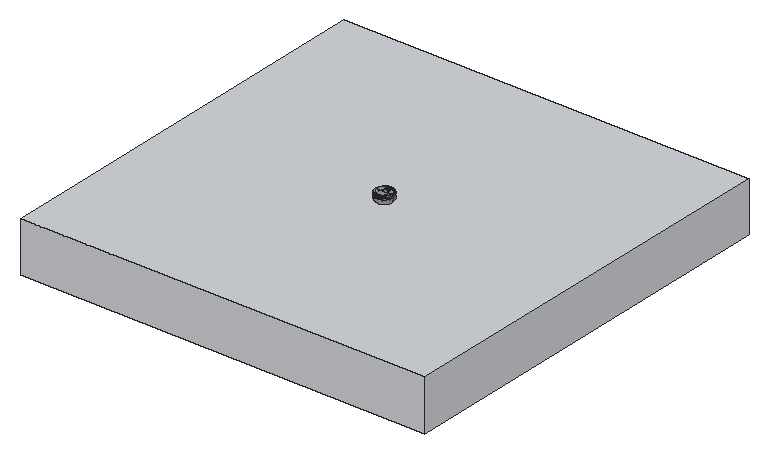
Revit family "Hekatron_Rauchwarnmelder_Genius Plus _DE_22.01", category Brandmelder, Revit 2018
Family settings
  Basisbauteil = Fläche
  Beschriftungsausrichtung beibehalten = Ja
  Bemaßung runder Anschluss = Durchmesser verwenden
  Teiletyp = Normal
  OmniClass-Nummer = 23.85.30.21
  OmniClass-Titel = Environmental Detection/Registration
  Beim Laden mit Abzugskörper schneiden = Nein
  Gemeinsam genutzt = Nein
  Raumberechnungspunkt = Nein
Parameters (values of type "Genius Plus")
  Zulässige Umgebungstemperatur = "0 °C bis + 55 °C"
  Zulässige Luftgeschwindigkeit = ""
  Zulassungen nach EN 54 = ""
  Version des BIM Objektes = "22.01"
  VdS-Anerkennung = "G 215026"
  URL = "https://www.hekatron-brandschutz.de"
  UB A&S Artikel Nummer = "31-5000020-06-02"
  Typenkommentare = "Rauchwarnmelder Genius Plus inkl. Klebepad"
  Tiefe (mm) = ""
  Stromaufnahme = ""
  Schutzart = "IP 40"
  Rauchteil einstellbar = ""
  Nettogewicht (g) = "139.0"
  Montageart = "Aufputz"
  Model = "Genius Plus "
  Material = "PC-ABS"
  Link zum Datenblatt = "https://www.hekatron-planungstools.de/Doku/Bedienungsanleitung%20Genius%20PlusPlus%20X_16232127.pdf"
  Link zu ausschreiben.de = "https://www.ausschreiben.de/katalog/Hekatron/position/214"
  Link zu Produktinformation = ""
  Link zu Ausschreibungstext = "https://www.meinhplus.de/login"
  Leistungserklärung (DoP) = "CPR-31-13-029-de-en"
  Lautstärke DIN-Ton (dB) = "85.0"
  Kabeleinführung = ""
  Höhe (mm) = "48.0"
  Hersteller = "Hekatron"
  Heigth [instance] = 104 mm
  Funktionsprinzip = "optisch"
  Farbe = "signalweiß ähnlich RAL 9003"
  Ex-Zonen = ""
  Einstellung Temperaturklasse nach EN 54-5 = ""
  Einstellung Temperaturindex nach EN 54-5 = ""
  Einstellung Rauchempfindlichkeit nach EN 54-20 = ""
  Einstellen Rauchempfindlichkeit nach EN 54-7 = ""
  EG-Konformitätszertifikat / Zertifikat der Leistungsbeständigkeit = ""
  Durchmesser (mm) = "104.0"
  Depth [instance] = 40.674 mm
  Vorgabe-Ansicht = 1200 mm
  Breite (mm) = ""
  Betriebsspannung = ""
  Beschreibung = "Rauchwarnmelder inkl. Klebepad und Batterie für den Einsatz in Wohnhäuser, Wohnungen und Räume mit wohnungsähnlicher Nutzung, sowie in Umgebungen mit erschwerten Bedingungen wie z.B. frostfreien Kellern und Dachstühlen und in Treppenräumen."
  Bauartgenehmigungen = ""
  Anzahl Ansaugleitungen = ""
  Ansprechtemperatur = ""
  Alarm- & Empfindlichkeitsbereich = ""
Types (2, lengths in mm): name | URL | Typenkommentare | Beschreibung
  (no name) | "www.hekatron-brandschutz.de" | 0 | 0
  Genius Plus | "https://www.hekatron-brandschutz.de" | "Rauchwarnmelder Genius Plus inkl. Klebepad" | "Rauchwarnmelder inkl. Klebepad und Batterie für den Einsatz in Wohnhäuser, Wohnungen und Räume mit wohnungsähnlicher Nutzung, sowie in Umgebungen mit erschwerten Bedingungen wie z.B. frostfreien Kellern und Dachstühlen und in Treppenräumen."
Values of the unnamed type that differ from the named types
  Zulässige Umgebungstemperatur = ""
  Version des BIM Objektes = ""
  VdS-Anerkennung = ""
  UB A&S Artikel Nummer = ""
  Schutzart = ""
  Nettogewicht (g) = ""
  Montageart = ""
  Model = "Genius Plus"
  Material = ""
  Link zum Datenblatt = ""
  Link zu ausschreiben.de = ""
  Link zu Ausschreibungstext = ""
  Leistungserklärung (DoP) = ""
  Lautstärke DIN-Ton (dB) = ""
  Höhe (mm) = ""
  Funktionsprinzip = ""
  Farbe = ""
  Durchmesser (mm) = ""
Reference planes
  plane 1 "Center (Front/Back)": y = 0
  plane 2: z = 0
  plane 3 "Center (Left/Right)": x = 0
  plane 4: x = 52
  plane 5: x = -52
Forms (mm)
  Extrusion 1, solid
    sketch origin (0, 0, 0) x (1, 0, 0) y (0, 1, 0)
      loop
        line (-1219.2, 1219.2) -> (-1219.2, -1219.2) -> (1219.2, -1219.2) -> (1219.2, 1219.2) -> (-1219.2, 1219.2)
    from 0 to -304.8
  Extrusion 2, solid, material "PC/ABS Plastic, RAL 9003"
    sketch origin (0, 0, 0) x (1, 0, 0) y (0, 1, 0)
      loop
        circle (0, 0) r 52
    from 0 to 19.558
  Revolve 3, solid, material "PC/ABS Plastic, RAL 9003"
    sketch origin (0, 0, 0) x (1, 0, 0) y (0, 0, 1)
      loop
        line (-44.5, 39) -> (-51.587, 38.291)
        arc (-51.587, 38.291) -> (-52, 37.824) -> (-51.566, 37.377) r 0.459
        line (-51.566, 37.377) -> (-45.1, 37.032) -> (0, 37.032) -> (0, 39) -> (-44.5, 39)
      axis (0, 39) -> (0, 37.032)
    angle from 0 to 360
  Revolve 4, solid, material "PC/ABS Plastic, RAL 9003"
    sketch origin (0, 0, 0) x (1, 0, 0) y (0, 0, 1)
      loop
        arc (-51.501, 32.127) -> (-52, 31.6) -> (-51.501, 31.073) r 0.527
        line (-51.501, 31.073) -> (-45.1, 30.732) -> (-45.1, 32.468) -> (-51.501, 32.127)
      loop
        arc (-51.501, 25.827) -> (-52, 25.3) -> (-51.501, 24.773) r 0.527
        line (-51.501, 24.773) -> (-45.1, 24.432) -> (-45.1, 26.168) -> (-51.501, 25.827)
      axis (0, 32.468) -> (0, 24.432)
    angle from 0 to 360
  Extrusion 5, void
    sketch origin (0, 0, 0) x (1, 0, 0) y (0, 1, 0)
      loop
        arc (-3.941, 21.283) -> (-3.102, 20.457) -> (-2.181, 19.725) r 11.074
        line (-2.181, 19.725) -> (-6.679, 30.584)
        arc (-6.679, 30.584) -> (-6.813, 29.415) -> (-6.821, 28.238) r 11.074
        line (-6.821, 28.238) -> (-3.941, 21.283)
      loop
        arc (-0.506, 18.742) -> (0.151, 18.455) -> (0.827, 18.212) r 11.074
        line (0.827, 18.212) -> (-5.622, 33.781)
        arc (-5.622, 33.781) -> (-5.928, 33.131) -> (-6.19, 32.464) r 11.074
        line (-6.19, 32.464) -> (-0.506, 18.742)
      loop
        arc (2.242, 17.854) -> (2.828, 17.763) -> (3.419, 17.703) r 11.074
        line (3.419, 17.703) -> (-4.149, 35.974)
        arc (-4.149, 35.974) -> (-4.524, 35.514) -> (-4.874, 35.035) r 11.074
        line (-4.874, 35.035) -> (2.242, 17.854)
      loop
        arc (4.695, 17.682) -> (5.233, 17.717) -> (5.769, 17.778) r 11.074
        line (5.769, 17.778) -> (-2.434, 37.582)
        arc (-2.434, 37.582) -> (-2.856, 37.247) -> (-3.262, 36.891) r 11.074
        line (-3.262, 36.891) -> (4.695, 17.682)
      loop
        arc (6.942, 18.007) -> (7.44, 18.145) -> (7.932, 18.306) r 11.074
        line (7.932, 18.306) -> (-0.532, 38.739)
        arc (-0.532, 38.739) -> (-0.993, 38.505) -> (-1.443, 38.25) r 11.074
        line (-1.443, 38.25) -> (6.942, 18.007)
      loop
        arc (9.014, 18.754) -> (9.475, 18.987) -> (9.925, 19.242) r 11.074
        line (9.925, 19.242) -> (1.54, 39.485)
        arc (1.54, 39.485) -> (1.041, 39.348) -> (0.55, 39.187) r 11.074
        line (0.55, 39.187) -> (9.014, 18.754)
      loop
        arc (10.916, 19.91) -> (11.338, 20.246) -> (11.743, 20.601) r 11.074
        line (11.743, 20.601) -> (3.786, 39.811)
        arc (3.786, 39.811) -> (3.248, 39.775) -> (2.713, 39.714) r 11.074
        line (2.713, 39.714) -> (10.916, 19.91)
      loop
        arc (12.631, 21.519) -> (13.006, 21.978) -> (13.356, 22.457) r 11.074
        line (13.356, 22.457) -> (6.239, 39.638)
        arc (6.239, 39.638) -> (5.653, 39.729) -> (5.063, 39.789) r 11.074
        line (5.063, 39.789) -> (12.631, 21.519)
      loop
        arc (14.104, 23.711) -> (14.409, 24.361) -> (14.672, 25.029) r 11.074
        line (14.672, 25.029) -> (8.988, 38.751)
        arc (8.988, 38.751) -> (8.33, 39.037) -> (7.655, 39.28) r 11.074
        line (7.655, 39.28) -> (14.104, 23.711)
      loop
        arc (15.161, 26.908) -> (15.294, 28.077) -> (15.303, 29.254) r 11.074
        line (15.303, 29.254) -> (12.422, 36.209)
        arc (12.422, 36.209) -> (11.584, 37.035) -> (10.663, 37.768) r 11.074
        line (10.663, 37.768) -> (15.161, 26.908)
    from 37.032 to 39
  Extrusion 6, solid, material "PC/ABS Plastic, RAL 9003"
    sketch origin (0, 0, 0) x (1, 0, 0) y (0, 1, 0)
      loop
        circle (4.241, 28.746) r 10.851
      loop
        circle (4.241, 28.746) r 10.401
    from 19.558 to 37.032
  Extrusion 7, solid, material "PC/ABS Plastic, RAL 9003"
    sketch origin (0, 0, 0) x (1, 0, 0) y (0, 1, 0)
      loop
        arc (-42.03, 16.356) -> (-41.668, 17.258) -> (-41.286, 18.151) r 45.1
        line (-41.286, 18.151) -> (-45.192, 19.613)
        arc (-45.192, 19.613) -> (-46.205, 19.109) -> (-45.772, 18.063) r 0.829
        line (-45.772, 18.063) -> (-42.03, 16.356)
      loop
        arc (42.03, -16.356) -> (41.668, -17.258) -> (41.286, -18.151) r 45.1
        line (41.286, -18.151) -> (45.192, -19.613)
        arc (45.192, -19.613) -> (46.205, -19.109) -> (45.772, -18.063) r 0.829
        line (45.772, -18.063) -> (42.03, -16.356)
      loop
        arc (-45.772, -18.063) -> (-46.205, -19.109) -> (-45.192, -19.613) r 0.829
        line (-45.192, -19.613) -> (-41.286, -18.151)
        arc (-41.286, -18.151) -> (-41.668, -17.258) -> (-42.03, -16.356) r 45.1
        line (-42.03, -16.356) -> (-45.772, -18.063)
      loop
        arc (45.772, 18.063) -> (46.205, 19.109) -> (45.192, 19.613) r 0.829
        line (45.192, 19.613) -> (41.286, 18.151)
        arc (41.286, 18.151) -> (41.668, 17.258) -> (42.03, 16.356) r 45.1
        line (42.03, 16.356) -> (45.772, 18.063)
      loop
        arc (18.087, -45.823) -> (19.159, -46.184) -> (19.593, -45.138) r 0.829
        line (19.593, -45.138) -> (18.152, -41.286)
        arc (18.152, -41.286) -> (17.261, -41.666) -> (16.361, -42.028) r 45.1
        line (16.361, -42.028) -> (18.087, -45.823)
      loop
        line (-18.087, -45.823) -> (-16.361, -42.028)
        arc (-16.361, -42.028) -> (-17.261, -41.666) -> (-18.152, -41.286) r 45.1
        line (-18.152, -41.286) -> (-19.593, -45.138)
        arc (-19.593, -45.138) -> (-19.159, -46.184) -> (-18.087, -45.823) r 0.829
      loop
        line (18.087, 45.823) -> (16.361, 42.028)
        arc (16.361, 42.028) -> (17.261, 41.666) -> (18.152, 41.286) r 45.1
        line (18.152, 41.286) -> (19.593, 45.138)
        arc (19.593, 45.138) -> (19.159, 46.184) -> (18.087, 45.823) r 0.829
      loop
        arc (-18.087, 45.823) -> (-19.159, 46.184) -> (-19.593, 45.138) r 0.829
        line (-19.593, 45.138) -> (-18.152, 41.286)
        arc (-18.152, 41.286) -> (-17.261, 41.666) -> (-16.361, 42.028) r 45.1
        line (-16.361, 42.028) -> (-18.087, 45.823)
    from 19.558 to 37.032
  Revolve 8, solid, material "PC/ABS Plastic, RAL 9003"
    sketch origin (87.833, -13.3, 0) x (1, 0, 0) y (0, 0, 1)
      loop
        line (-87.833, 36.55) -> (-113.316, 36.55) -> (-113.54, 21.55) -> (-117.593, 21.55) -> (-117.593, 19.558) -> (-87.833, 19.558) -> (-87.833, 36.55)
      axis (-87.833, 36.55) -> (-87.833, 19.558)
    angle from 0 to 360
  Extrusion 9, solid, material "PC/ABS Plastic, RAL 9003"
    sketch origin (0, 0, 0) x (1, 0, 0) y (0, 1, 0)
      loop
        line (-15.98, 49.032) -> (-19.689, 47.534) -> (-23.371, 45.971) -> (-13.372, 21.829) -> (-9.663, 23.328) -> (-5.981, 24.891) -> (-15.98, 49.032)
    from 38.402 to 40.674
Cuts and joins
  Extrusion 5 cuts Extrusion 2
  Extrusion 5 cuts Revolve 3
Dimensions and locks
  "Depth": Extrusion 9 to Extrusion 1
  "Heigth": plane 5 to plane 4
  aligned and locked: plane 2 to Extrusion 1
  aligned and locked: level to Extrusion 1
Automatic sketch dimensions
  Extrusion 1 sketch curve to Extrusion 1 sketch curve = 2438.4 mm  (x2)
  plane 1 "Center (Front/Back)" to Extrusion 2 sketch curve = 0 mm
  Extrusion 2 sketch curve to plane 3 "Center (Left/Right)" = 0 mm
  Revolve 3 sketch curve to plane 3 "Center (Left/Right)" = 0 mm  (x2)
  Revolve 3 sketch curve to Revolve 3 sketch curve = 44.5 mm
  Revolve 3 sketch curve to Revolve 3 sketch curve = 0.6 mm
  Revolve 3 sketch curve to Revolve 3 sketch curve = 6.441 mm
  Revolve 3 sketch curve to Revolve 3 sketch curve = 0.024 mm
  level to Revolve 3 sketch curve = 38.291 mm
  Revolve 3 sketch curve to Revolve 3 sketch curve = 0.046 mm
  Revolve 3 sketch curve to Revolve 3 sketch curve = 0.456 mm
  Revolve 3 sketch curve to Revolve 3 sketch curve = 0.345 mm
  Revolve 3 sketch curve to Revolve 3 sketch curve = 1.968 mm
  Revolve 3 sketch curve to Revolve 3 sketch curve = 3.482 mm
  Revolve 3 sketch curve to Revolve 3 sketch curve = 5 mm
  Revolve 4 sketch curve to plane 3 "Center (Left/Right)" = 0 mm
  Revolve 4 sketch curve to plane 3 "Center (Left/Right)" = 45.1 mm
  Revolve 4 sketch curve to Revolve 4 sketch curve = 0 mm  (x2)
  Revolve 4 sketch curve to Revolve 4 sketch curve = 6.373 mm
  level to Revolve 4 sketch curve = 24.773 mm
  Revolve 4 sketch curve to Revolve 4 sketch curve = 0.028 mm  (x4)
  Revolve 4 sketch curve to Revolve 4 sketch curve = 0.341 mm
  Revolve 4 sketch curve to Revolve 4 sketch curve = 0.527 mm  (x2)
  Revolve 4 sketch curve to Revolve 4 sketch curve = 1.736 mm  (x2)
  Revolve 4 sketch curve to Revolve 4 sketch curve = 4.564 mm
  Revolve 4 sketch curve to Revolve 4 sketch curve = 5.247 mm
  Revolve 4 sketch curve to level = 609.6 mm
  Revolve 4 sketch curve to Revolve 4 sketch curve = 2576.59 mm
  Extrusion 5 sketch curve to Extrusion 5 sketch curve = 0 mm  (x380)
  Extrusion 5 sketch curve to plane 3 "Center (Left/Right)" = 6.821 mm
  Extrusion 5 sketch curve to Extrusion 5 sketch curve = 0.142 mm  (x2)
  Extrusion 5 sketch curve to Extrusion 5 sketch curve = 0.489 mm  (x2)
  Extrusion 5 sketch curve to Extrusion 5 sketch curve = 0.568 mm  (x2)
  Extrusion 5 sketch curve to Extrusion 5 sketch curve = 0.748 mm  (x2)
  Extrusion 5 sketch curve to Extrusion 5 sketch curve = 0.725 mm  (x2)
  Extrusion 5 sketch curve to plane 3 "Center (Left/Right)" = 3.941 mm
  Extrusion 5 sketch curve to Extrusion 5 sketch curve = 0.888 mm  (x2)
  Extrusion 5 sketch curve to Extrusion 5 sketch curve = 0.827 mm  (x2)
  Extrusion 5 sketch curve to plane 3 "Center (Left/Right)" = 2.181 mm
  Extrusion 5 sketch curve to Extrusion 5 sketch curve = 0.991 mm  (x2)
  Extrusion 5 sketch curve to plane 3 "Center (Left/Right)" = 0.532 mm
  Extrusion 5 sketch curve to plane 3 "Center (Left/Right)" = 0.506 mm
  plane 3 "Center (Left/Right)" to Extrusion 5 sketch curve = 0.55 mm
  plane 3 "Center (Left/Right)" to Extrusion 5 sketch curve = 0.827 mm
  Extrusion 5 sketch curve to Extrusion 5 sketch curve = 0.99 mm  (x2)
  Extrusion 5 sketch curve to Extrusion 5 sketch curve = 1.416 mm  (x2)
  Extrusion 5 sketch curve to Extrusion 5 sketch curve = 1.173 mm  (x2)
  Extrusion 5 sketch curve to Extrusion 5 sketch curve = 1.176 mm  (x2)
  Extrusion 5 sketch curve to Extrusion 5 sketch curve = 1.074 mm  (x2)
  plane 3 "Center (Left/Right)" to Extrusion 5 sketch curve = 4.241 mm
  Extrusion 5 sketch curve to Extrusion 5 sketch curve = 1.276 mm  (x2)
  Extrusion 5 sketch curve to Extrusion 5 sketch curve = 1.333 mm
  Extrusion 5 sketch curve to Extrusion 5 sketch curve = 1.082 mm
  Extrusion 5 sketch curve to Extrusion 5 sketch curve = 0.911 mm
  Extrusion 5 sketch curve to Extrusion 5 sketch curve = 1.675 mm
  Extrusion 5 sketch curve to Extrusion 5 sketch curve = 1.759 mm
  Extrusion 5 sketch curve to plane 1 "Center (Front/Back)" = 17.682 mm
  Extrusion 5 sketch curve to Extrusion 5 sketch curve = 0.021 mm
  Extrusion 5 sketch curve to Extrusion 5 sketch curve = 0.097 mm
  Extrusion 5 sketch curve to Extrusion 5 sketch curve = 0.229 mm  (x2)
  Extrusion 5 sketch curve to Extrusion 5 sketch curve = 0.358 mm  (x2)
  Extrusion 5 sketch curve to Extrusion 5 sketch curve = 0.448 mm  (x2)
  Extrusion 5 sketch curve to Extrusion 5 sketch curve = 0.983 mm  (x2)
  Extrusion 5 sketch curve to Extrusion 5 sketch curve = 0.668 mm  (x2)
  Extrusion 5 sketch curve to Extrusion 5 sketch curve = 0.918 mm  (x2)
  Extrusion 5 sketch curve to Extrusion 5 sketch curve = 1.254 mm  (x2)
  Extrusion 5 sketch curve to Extrusion 5 sketch curve = 1.88 mm  (x2)
  Extrusion 5 sketch curve to Extrusion 5 sketch curve = 6.955 mm  (x2)
  Extrusion 6 sketch curve to Extrusion 6 sketch curve = 0 mm  (x2)
  plane 3 "Center (Left/Right)" to Extrusion 6 sketch curve = 4.241 mm
  Extrusion 6 sketch curve to plane 1 "Center (Front/Back)" = 28.746 mm
  Extrusion 7 sketch curve to Extrusion 7 sketch curve = 0 mm  (x56)
  plane 1 "Center (Front/Back)" to Extrusion 7 sketch curve = 0 mm
  Extrusion 7 sketch curve to plane 3 "Center (Left/Right)" = 0 mm
  Extrusion 7 sketch curve to plane 3 "Center (Left/Right)" = 16.361 mm  (x2)
  Extrusion 7 sketch curve to Extrusion 7 sketch curve = 1.725 mm  (x4)
  Extrusion 7 sketch curve to Extrusion 7 sketch curve = 1.791 mm  (x4)
  Extrusion 7 sketch curve to Extrusion 7 sketch curve = 0.73 mm  (x4)
  Extrusion 7 sketch curve to Extrusion 7 sketch curve = 0.777 mm  (x4)
  Extrusion 7 sketch curve to plane 1 "Center (Front/Back)" = 18.151 mm  (x2)
  Extrusion 7 sketch curve to Extrusion 7 sketch curve = 23.134 mm  (x4)
  plane 1 "Center (Front/Back)" to Extrusion 7 sketch curve = 18.151 mm  (x2)
  Extrusion 7 sketch curve to plane 1 "Center (Front/Back)" = 16.356 mm  (x2)
  plane 1 "Center (Front/Back)" to Extrusion 7 sketch curve = 16.356 mm  (x2)
  plane 1 "Center (Front/Back)" to Extrusion 7 sketch curve = 19.613 mm  (x2)
  Extrusion 7 sketch curve to Extrusion 7 sketch curve = 3.906 mm  (x4)
  Extrusion 7 sketch curve to plane 1 "Center (Front/Back)" = 19.613 mm  (x2)
  Extrusion 7 sketch curve to Extrusion 7 sketch curve = 0.236 mm  (x4)
  plane 1 "Center (Front/Back)" to Extrusion 7 sketch curve = 18.063 mm  (x2)
  Extrusion 7 sketch curve to Extrusion 7 sketch curve = 0.344 mm  (x4)
  Extrusion 7 sketch curve to plane 1 "Center (Front/Back)" = 18.063 mm  (x2)
  plane 3 "Center (Left/Right)" to Extrusion 7 sketch curve = 16.361 mm  (x2)
  Extrusion 7 sketch curve to Extrusion 7 sketch curve = 23.135 mm  (x4)
  Extrusion 7 sketch curve to Extrusion 7 sketch curve = 3.853 mm  (x4)
  Extrusion 7 sketch curve to Extrusion 7 sketch curve = 0.291 mm  (x4)
  Revolve 8 sketch curve to plane 3 "Center (Left/Right)" = 0 mm  (x2)
  Revolve 8 sketch curve to plane 3 "Center (Left/Right)" = 25.483 mm
  Revolve 8 sketch curve to Revolve 8 sketch curve = 0.224 mm
  Revolve 8 sketch curve to Revolve 8 sketch curve = 4.054 mm
  level to Revolve 8 sketch curve = 19.558 mm
  Revolve 8 sketch curve to Revolve 8 sketch curve = 1.992 mm
  Revolve 8 sketch curve to Revolve 8 sketch curve = 15 mm
  Revolve 8 sketch curve to Revolve 8 sketch curve = 0 mm  (x2)
  Extrusion 9 sketch curve to plane 3 "Center (Left/Right)" = 23.371 mm
  Extrusion 9 sketch curve to Extrusion 9 sketch curve = 3.682 mm  (x2)
  Extrusion 9 sketch curve to Extrusion 9 sketch curve = 3.709 mm  (x2)
  Extrusion 9 sketch curve to plane 3 "Center (Left/Right)" = 13.372 mm
  Extrusion 9 sketch curve to plane 1 "Center (Front/Back)" = 21.829 mm
  Extrusion 9 sketch curve to Extrusion 9 sketch curve = 1.498 mm  (x2)
  Extrusion 9 sketch curve to Extrusion 9 sketch curve = 1.563 mm  (x2)
  Extrusion 9 sketch curve to Extrusion 9 sketch curve = 24.141 mm
  radius of Extrusion 2 sketch curve = 52 mm
  radius of Extrusion 6 sketch curve = 10.851 mm
  radius of Extrusion 6 sketch curve = 10.401 mm
Connectors
  electrical at (0, 0, 0)
    settings: index 1, voltage 0 V, apparent load 0 VA, apparent load phase1 0 VA, apparent load phase2 0 VA, apparent load phase3 0 VA, power factor 1, load classification "Other", number of poles 1, system type 11, power factor state 1, is connector primary yes, connector utility no, sub classification motor no, connector description ""
